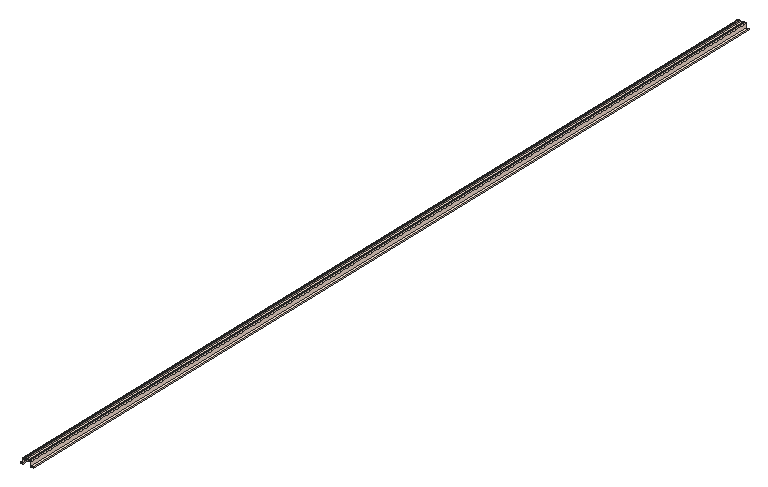
Revit family "nedako", category 機械設備, Revit 2022
Family settings
  丸型コネクタ寸法 = 直径を使用
  種別 = なし
  パーツ タイプ = 標準
  作業面ベース = いいえ
  常に垂直 = はい
  ロード時にボイドで切り取り = いいえ
  注釈の向きを維持 = いいえ
  共有 = いいえ
  部屋計算ポイント = いいえ
Parameters
  製造元 = "株式会社桐井製作所"
  既定の高さ = 0 mm
  URL = "https://www.kirii.co.jp/"
  K_表面処理 = "Z12以上"
  K_材質 = "溶融亜鉛めっき鋼板及び鋼帯及び鋼帯 JIS G 3302"
  K_名称 = "根太鋼"
  K_単位質量(kg/m) = 6.858
  K_バージョン情報 = "20221219"
Reference planes
  plane 1 "中心(正面/背面)": y = 0
  plane 2: z = 0
  plane 3 "中心(左/右)": x = 0
Forms (mm)
  Extrusion 1, solid
    sketch origin (0, 0, 0) x (1, 0, 0) y (0, 0, 1)
      loop
        line (-9.4, 28.8) -> (9.4, 28.8) -> (11.5, 26) -> (13.6, 28.8) -> (20.1, 28.8)
        arc (20.1, 28.8) -> (20.949, 28.449) -> (21.3, 27.6) r 1.2
        line (21.3, 27.6) -> (21.3, 2.4)
        arc (21.3, 2.4) -> (22.003, 0.703) -> (23.7, 0) r 2.4
        line (23.7, 0) -> (39.3, 0) -> (39.3, 1.2) -> (23.7, 1.2)
        arc (23.7, 1.2) -> (22.852, 1.551) -> (22.5, 2.4) r 1.2
        line (22.5, 2.4) -> (22.5, 27.6)
        arc (22.5, 27.6) -> (21.797, 29.297) -> (20.1, 30) r 2.4
        line (20.1, 30) -> (13, 30) -> (11.5, 28) -> (10, 30) -> (-10, 30) -> (-11.5, 28) -> (-13, 30) -> (-20.1, 30)
        arc (-20.1, 30) -> (-21.797, 29.297) -> (-22.5, 27.6) r 2.4
        line (-22.5, 27.6) -> (-22.5, 2.4)
        arc (-22.5, 2.4) -> (-22.852, 1.551) -> (-23.7, 1.2) r 1.2
        line (-23.7, 1.2) -> (-39.3, 1.2) -> (-39.3, 0) -> (-23.7, 0)
        arc (-23.7, 0) -> (-22.003, 0.703) -> (-21.3, 2.4) r 2.4
        line (-21.3, 2.4) -> (-21.3, 27.6)
        arc (-21.3, 27.6) -> (-20.949, 28.449) -> (-20.1, 28.8) r 1.2
        line (-20.1, 28.8) -> (-13.6, 28.8) -> (-11.5, 26) -> (-9.4, 28.8)
    from -2700 to 2700
Dimensions and locks
  aligned and locked: level to plane 2
